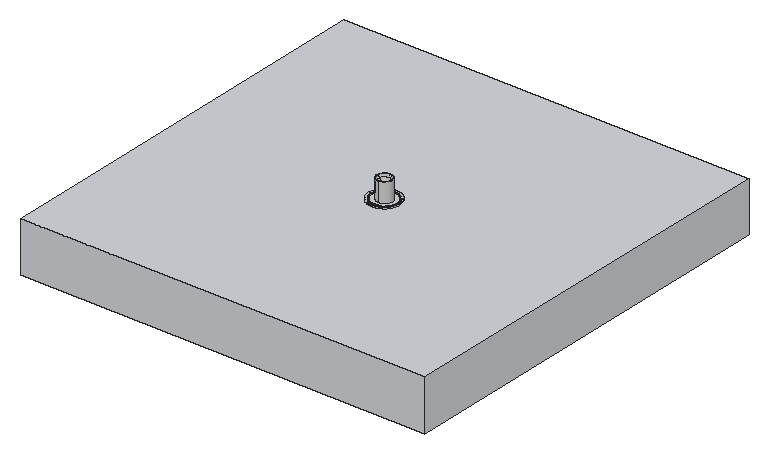
Revit family "LAMP_HANCE DOWNLIGHT SEMIRECESSED SPOT 3000_4000", category Modelos genéricos, Revit 2015
Parameters (values of type "2656LM 4000K 3000 BLACK")
  Weight = 1.54 kg
  Aro 3000/4000 = yes
  Aro 1000/2000 = no
  Type = "COB PHILIPS"
  Tilting [instance] = if(Tilt < 0.00°, 180.00°, if(Tilt > 85.00°, 265.00°, Tilt + 180.00°))  # 180.00°
  Tilt [instance] = 0.00°
  Recessed diameter = 175 mm
  Protection rating = "IP20"
  Product datasheet = "http://www.lamp.es/product-files/TECH/HD1SR30SP840NBB-EN.pdf"
  Product code = "HD1SR30SP840NBB"
  Product URL = "https://www.lamp.es/en/family/hance-downlight_196363"
  Power Supply = "220-240V 50/60Hz"
  Power = 25 W
  Plum = 27.8 W
  Photometric web file = Cuerpo Hance BASE (tilting)_SP : 2656LM 4000K 3000 BLACK
  Modelo = Product code  # "HD1SR30SP840NBB"
  Model explanation = "Availability of tilting between 0º and 85º when placed in a project."
  Material interior aro = LAMP_Aluminio Hance Negro
  Material aro = LAMP_Aluminio Hance Negro
  Manufacturer name = "LAMP"
  Manufacturer country = "Spain"
  Manufacturer URL = "http://www.lamp.es/en"
  MacAdam = "3"
  Luminaire type = "Indoor - Recessed downlight"
  Last update = "22/11/2019"
  Lamp = "COB LED"
  LED Lifetime = "50.000 L80 B10"
  Insulation class = "II"
  Installation instructions = "https://www.lamp.es/product-files/INS/1004410-B-INSTR.%20DE%20MONTAJE%20HANCE%20DOWNLIGHT.pdf"
  Initial intensity = 2656 lm
  Initial color = 4000 K
  IEE = "A+"
  Gear = "Electronic"
  Finish = "Texturised black RAL 9011"
  Fabricante = Manufacturer name  # "LAMP"
  Default Elevation = 1219.2 mm
  Efficacy = 95.54 lm/W
  Radio aro exterior = 49 mm
  Diameter = 188 mm
  Descripción = "HANCE DOWN SEMIREC 3000 NW SP BK."
  Decorative ring [instance] = Aro decorativo 3000_4000 (tilting) : Black
  Comentarios de tipo = Model explanation  # "Availability of tilting between 0º and 85º when placed in a project."
  CRI = "80"
  Altura modulos = 145 mm
Types (8, lengths in mm): name | Product datasheet | Product code | Power | Plum | Photometric web file | Modelo | Material aro | Initial intensity | Initial color | Finish | Efficacy | Descripción
  2656LM 4000K 3000 BLACK | "http://www.lamp.es/product-files/TECH/HD1SR30SP840NBB-EN.pdf" | "HD1SR30SP840NBB" | 25 W | 27.8 W | Cuerpo Hance BASE (tilting)_SP : 2656LM 4000K 3000 BLACK | "HD1SR30SP840NBB" | LAMP_Aluminio Hance Negro | 2656 lm | 4000 K | "Texturised black RAL 9011" | 95.54 lm/W | "HANCE DOWN SEMIREC 3000 NW SP BK."
  2656LM 4000K 3000 WHITE | "http://www.lamp.es/product-files/TECH/HD1SR30SP840NBW-EN.pdf" | "HD1SR30SP840NBW" | 25 W | 27.8 W | Cuerpo Hance BASE (tilting)_SP : 2656LM 4000K 3000 WHITE | "HD1SR30SP840NBW" | LAMP_Aluminio Hance Blanco | 2656 lm | 4000 K | "Texturised white RAL 9010" | 95.54 lm/W | "HANCE DOWN SEMIREC 3000 NW SP WH."
  2788LM 3000K 3000 BLACK | "http://www.lamp.es/product-files/TECH/HD1SR30SP830NBB-EN.pdf" | "HD1SR30SP830NBB" | 25 W | 28.2 W | Cuerpo Hance BASE (tilting)_SP : 2788LM 3000K 3000 BLACK | "HD1SR30SP830NBB" | LAMP_Aluminio Hance Negro | 2788 lm | 3000 K | "Texturised black RAL 9011" | 98.86 lm/W | "HANCE DOWN SEMIREC 3000 WW SP BK."
  2788LM 3000K 3000 WHITE | "http://www.lamp.es/product-files/TECH/HD1SR30SP830NBW-EN.pdf" | "HD1SR30SP830NBW" | 25 W | 28.2 W | Cuerpo Hance BASE (tilting)_SP : 2788LM 3000K 3000 WHITE | "HD1SR30SP830NBW" | LAMP_Aluminio Hance Blanco | 2788 lm | 3000 K | "Texturised white RAL 9010" | 98.86 lm/W | "HANCE DOWN SEMIREC 3000 WW SP WH."
  3518LM 4000K 4000 BLACK | "http://www.lamp.es/product-files/TECH/HD1SR40SP830NBB-EN.pdf" | "HD1SR40SP830NBB" | 34 W | 37.6 W | Cuerpo Hance BASE (tilting)_SP : 3518LM 4000K 4000 BLACK | "HD1SR40SP830NBB" | LAMP_Aluminio Hance Negro | 3518 lm | 3000 K | "Texturised black RAL 9011" | 93.55 lm/W | "HANCE DOWN SEMIREC 4000 WW SP BK."
  3518LM 4000K 4000 WHITE | "http://www.lamp.es/product-files/TECH/HD1SR40SP830NBW-EN.pdf" | "HD1SR40SP830NBW" | 34 W | 37.6 W | Cuerpo Hance BASE (tilting)_SP : 3518LM 4000K 4000 WHITE | "HD1SR40SP830NBW" | LAMP_Aluminio Hance Blanco | 3518 lm | 3000 K | "Texturised white RAL 9010" | 93.55 lm/W | "HANCE DOWN SEMIREC 4000 WW SP WH."
  3660LM 3000K 4000 BLACK | "http://www.lamp.es/product-files/TECH/HD1SR40SP840NBB-EN.pdf" | "HD1SR40SP840NBB" | 34 W | 37.6 W | Cuerpo Hance BASE (tilting)_SP : 3660LM 3000K 4000 BLACK | "HD1SR40SP840NBB" | LAMP_Aluminio Hance Negro | 3660 lm | 4000 K | "Texturised black RAL 9011" | 97.34 lm/W | "HANCE DOWN SEMIREC 4000 NW SP BK."
  3660LM 3000K 4000 WHITE | "http://www.lamp.es/product-files/TECH/HD1SR40SP840NBW-EN.pdf" | "HD1SR40SP840NBW" | 34 W | 37.6 W | Cuerpo Hance BASE (tilting)_SP : 3660LM 3000K 4000 WHITE | "HD1SR40SP840NBW" | LAMP_Aluminio Hance Blanco | 3660 lm | 4000 K | "Texturised white RAL 9010" | 97.34 lm/W | "HANCE DOWN SEMIREC 4000 NW SP WH."
Reference planes
  plane 1 "Centro (Frontal/Posterior)": y = 0
  plane 2: z = 0
  plane 3 "Centro (Izquierda/Derecha)": x = 0
Forms (mm)
  Extrusion 1, solid
    sketch origin (0, 0, 0) x (1, 0, 0) y (0, 1, 0)
      loop
        line (-1219.2, 1219.2) -> (-1219.2, -1219.2) -> (1219.2, -1219.2) -> (1219.2, 1219.2) -> (-1219.2, 1219.2)
    from 0 to -304.8
  Revolve 2, solid, material "LAMP_Aluminio Hance Negro" <- "Material aro"
    sketch origin (0, 0, 0) x (1, 0, 0) y (0, 0, 1)
      loop
        line (94, 0) -> (94, 1) -> (79.1, 1) -> (79.1, -38.896) -> (87.1, -38.896) -> (87.1, -37.896) -> (81.6, -37.896) -> (81.6, 0) -> (94, 0)
      axis (0, 1) -> (0, -38.896)
    angle from 0 to 360
  Revolve 3, solid, material "LAMP_Aluminio Hance Negro" <- "Material interior aro", visible <- "Aro 3000/4000"
    sketch origin (0, 0, 0) x (1, 0, 0) y (0, 0, 1)
      loop
        arc (74.724, -0.646) -> (74.448, -1.016) -> (74.348, -1.466) r 1.1
        arc (74.348, -1.466) -> (72.204, -17.889) -> (66.127, -33.297) r 67.535
        arc (66.127, -33.297) -> (65.772, -33.665) -> (65.28, -33.8) r 0.965
        line (65.28, -33.8) -> (0, -33.8) -> (0, -34.8) -> (65.28, -34.8)
        arc (65.28, -34.8) -> (65.772, -34.665) -> (66.127, -34.297) r 0.965
        arc (66.127, -34.297) -> (72.204, -18.889) -> (74.348, -2.466) r 67.535
        arc (74.348, -2.466) -> (74.448, -2.016) -> (74.724, -1.646) r 1.1
        arc (74.724, -1.646) -> (76.762, -0.425) -> (79.1, 0) r 6.641
        line (79.1, 0) -> (79.1, 1)
        arc (79.1, 1) -> (76.762, 0.575) -> (74.724, -0.646) r 6.641
      axis (0, 1) -> (0, -34.8)
    angle from 0 to 360
  Extrusion 4, void
    sketch origin (0, 0, 0) x (1, 0, 0) y (0, 1, 0)
      loop
        line (22.671, 46.054) -> (-22.668, 46.054)
        arc (-22.668, 46.054) -> (-69.098, -0.376) -> (-22.668, -46.807) r 46.43
        line (-22.668, -46.807) -> (22.671, -46.807)
        arc (22.671, -46.807) -> (69.102, -0.376) -> (22.671, 46.054) r 46.43
    from -196.113 to 250
Cuts and joins
  Extrusion 4 cuts Revolve 3
Text (mm)
  text "Any modification of the parameters and properties of the LAMP BIM models must be executed and validated by the LAMP technical department.\n\nPhone: +34 93 736 68 00\n\nE-mail: lamp@lamp.es\n\n\n\nLAMP reserves the right to modify the technical specifications of its products." at (39771.841, -40794.867, 40621.237), in view "Preview"
Dimensions and locks
  aligned and locked: plane 2 to Extrusion 1
  aligned and locked: level to Extrusion 1
Nested families
  nested 1: "Cuerpo Hance BASE (tilting)_SP" at (0, 1.967, 39.75), type <- "Photometric web file", type "2656LM 4000K 3000 BLACK"
    with Tilting 180.00°
  nested 2: "Aro decorativo 3000_4000 (tilting)" at (0, 0, 42.53) x (1, 0, 0) z (0, 0, -1), type <- "Decorative ring", type "Black"
    with Tilting 180.00°
Connectors
  electrical at (-24.807, 0, -31.588)
    settings: on nested 1, index 1, voltage 230 V, apparent load 0 VA, apparent load phase1 0 VA, apparent load phase2 0 VA, apparent load phase3 0 VA, power factor 1, load classification "Otro", number of poles 1, system type 31, power factor state 1, is connector primary yes, connector utility no, sub classification motor no, connector description ""
Definition of nested family "Cuerpo Hance BASE (tilting)_SP"
  Parameters (values of type "2656LM 4000K 3000 BLACK")
    Tilting = 90.00°
    Photometric web file = Cuerpo Hance BASE_SP : 2656LM 4000K 3000 BLACK
    Longitud cuerpo = 145 mm
    Default Elevation = 1219.2 mm
  Types (17, lengths in mm): name | Photometric web file | Longitud cuerpo
    (no name) | Cuerpo Hance BASE_SP : 2656LM 4000K 3000 BLACK | 145
    710LM 4000K 1000 BLACK | Cuerpo Hance BASE_SP : 710LM 4000K 1000 BLACK | 100
    710LM 4000K 1000 WHITE | Cuerpo Hance BASE_SP : 710LM 4000K 1000 WHITE | 100
    773LM 3000K 1000 BLACK | Cuerpo Hance BASE_SP : 773LM 3000K 1000 BLACK | 100
    773LM 3000K 1000 WHITE | Cuerpo Hance BASE_SP : 773LM 3000K 1000 WHITE | 100
    1644LM 4000K 2000 BLACK | Cuerpo Hance BASE_SP : 1644LM 4000K 2000 BLACK | 100
    1644LM 4000K 2000 WHITE | Cuerpo Hance BASE_SP : 1644LM 4000K 2000 WHITE | 100
    1707LM 3000K 2000 BLACK | Cuerpo Hance BASE_SP : 1707LM 3000K 2000 BLACK | 100
    1707LM 3000K 2000 WHITE | Cuerpo Hance BASE_SP : 1707LM 3000K 2000 WHITE | 100
    2656LM 4000K 3000 BLACK | Cuerpo Hance BASE_SP : 2656LM 4000K 3000 BLACK | 145
    2656LM 4000K 3000 WHITE | Cuerpo Hance BASE_SP : 2656LM 4000K 3000 WHITE | 145
    2788LM 3000K 3000 BLACK | Cuerpo Hance BASE_SP : 2788LM 3000K 3000 BLACK | 145
    2788LM 3000K 3000 WHITE | Cuerpo Hance BASE_SP : 2788LM 3000K 3000 WHITE | 145
    3518LM 4000K 4000 BLACK | Cuerpo Hance BASE_SP : 3518LM 4000K 4000 BLACK | 145
    3518LM 4000K 4000 WHITE | Cuerpo Hance BASE_SP : 3518LM 4000K 4000 WHITE | 145
    3660LM 3000K 4000 BLACK | Cuerpo Hance BASE_SP : 3660LM 3000K 4000 BLACK | 145
    3660LM 3000K 4000 WHITE | Cuerpo Hance BASE_SP : 3660LM 3000K 4000 WHITE | 145
  Reference planes
    plane 1 "Centro (Frontal/Posterior)": y = 0
    plane 2: z = 0
    plane 3 "Centro (Izquierda/Derecha)": x = 0
  Lines and regions (mm)
    reference lines
      curve 1: line (0, 0, 0) -> (200, 0, 0)
  Dimensions and locks
    "Tilting": angle plane 3 "Centro (Izquierda/Derecha)" to curve 1
    aligned and locked: level to plane 2
    aligned and locked: plane 3 "Centro (Izquierda/Derecha)" to curve 1
    aligned and locked: plane 2 to curve 1
  Nested families
    nested 1: "Cuerpo Hance BASE_SP" at (-30.338, -1.967, 27.875), type <- "Photometric web file", type "2656LM 4000K 3000 BLACK"
  Definition of nested family "Cuerpo Hance BASE_SP"
    Parameters (values of type "710LM 4000K 1000 BLACK")
      Tilt Angle = 90.00° + Tilting  # 180.00°
      Wattage = 7.6 W
      Tilting = 90.00°
      built-in parameter 1150107 = 4000 (stored number, unit not read)
      Radio vacio posterior = Radio cuerpo - 2.2 mm  # 30.3 mm
      Radio vaciado = Radio cuerpo - 1.5 mm  # 31 mm
      Radio cuerpo = if(Longitud cuerpo = 145 mm, 45 mm, 32.5 mm)  # 32.5 mm
      built-in parameter 1150110 = 1 (stored number, unit not read)
      built-in parameter 1150109 = 1 (stored number, unit not read)
      built-in parameter 1150112 = 1 (stored number, unit not read)
      built-in parameter 1150113 = 1 (stored number, unit not read)
      built-in parameter 1114218 = 1 (stored number, unit not read)
      built-in parameter 1150137 = (empty or 0)
      built-in parameter 1150132 = 2
      Material reflector = none
      Material cuerpo = none
      Material COB = none
      Longitud cuerpo = 100 mm
      Long. origen luz = if(Longitud cuerpo = 100 mm, 20 mm, if(Longitud cuerpo = 170 mm, 55 mm, 90 mm))  # 20 mm
      L_3 = if(Ancho disipador posterior = 80.4 mm, 39.6 mm, 12 mm)  # 12 mm
      L_2 = if(Ancho disipador posterior = 80.4 mm, 36.3 mm, 22.6 mm)  # 22.6 mm
      L_1 = if(Ancho disipador posterior = 80.4 mm, 36.8 mm, 25.4 mm)  # 25.4 mm
      built-in parameter 1150105 = 56.487 (stored number, unit not read)
      built-in parameter 1150102 = (empty or 0)
      built-in parameter 1150106 = 0.56487 (stored number, unit not read)
      Lumens = 709.84 lm
      Color Filter = 16777215
      built-in parameter 1114217 = 1 (stored number, unit not read)
      built-in parameter 1150139 = (empty or 0)
      Default Elevation = 1219.2 mm
      built-in parameter 1150104 = 8.6771 (stored number, unit not read)
      Diametro aro = if(Radio cuerpo = 45 mm, 42.9 mm, 30.4 mm)  # 30.4 mm
      built-in parameter 1150115 = 1 (stored number, unit not read)
      built-in parameter 1150114 = 1 (stored number, unit not read)
      built-in parameter 1150138 = (empty or 0)
      built-in parameter 1150134 = 12
      Dimming Lamp Color Temperature Shift = (empty or 0)
      Photometric Web File = "HD1RE10SP840NBB.IES"
      Ancho vaciado reflector = if(Radio cuerpo = 45 mm, 34.4 mm, 21.9 mm)  # 21.9 mm
      Ancho reflector = if(Radio cuerpo = 45 mm, 35.4 mm, 22.9 mm)  # 22.9 mm
      Ancho disipador posterior = if(Radio cuerpo = 32.5 mm, 53 mm, 80.4 mm)  # 53 mm
      built-in parameter 1150133 = 10 (stored number, unit not read)
      Altura disipador superior = if(Radio cuerpo = 45 mm, 23.9 mm, 36.9 mm)  # 36.9 mm
      Ancho disipador superior = if(Radio cuerpo = 45 mm, 28 mm, 22.6 mm)  # 22.6 mm
    Types (16, lengths in mm): name | Wattage | built-in parameter 1150107 | Radio vacio posterior | Radio vaciado | Radio cuerpo | Longitud cuerpo | Long. origen luz | L_3 | L_2 | L_1 | built-in parameter 1150105 | built-in parameter 1150106 | Lumens | built-in parameter 1150104 | Diametro aro | built-in parameter 1150134 | Photometric Web File | Ancho vaciado reflector | Ancho reflector | Ancho disipador posterior | Altura disipador superior | Ancho disipador superior
      710LM 4000K 1000 BLACK | 7.6 W | 4000 (stored number, unit not read) | 30.3 | 31 | 32.5 | 100 | 20 | 12 | 22.6 | 25.4 | 56.487 (stored number, unit not read) | 0.56487 (stored number, unit not read) | 709.84 lm | 8.6771 (stored number, unit not read) | 30.4 | 12 | "HD1RE10SP840NBB.IES" | 21.9 | 22.9 | 53 | 36.9 | 22.6
      710LM 4000K 1000 WHITE | 7.6 W | 4000 (stored number, unit not read) | 30.3 | 31 | 32.5 | 100 | 20 | 12 | 22.6 | 25.4 | 4052.9 (stored number, unit not read) | 40.529 (stored number, unit not read) | 709.84 lm | 8.6771 (stored number, unit not read) | 30.4 | 12 | "HD1RE10SP840NBW.IES" | 21.9 | 22.9 | 53 | 36.9 | 22.6
      773LM 3000K 1000 BLACK | 7.7 W | 3000 (stored number, unit not read) | 30.3 | 31 | 32.5 | 100 | 20 | 12 | 22.6 | 25.4 | 4414.8 (stored number, unit not read) | 44.148 (stored number, unit not read) | 773.234 lm | 9.3293 (stored number, unit not read) | 30.4 | (empty or 0) | "HD1RE10SP830NBB.IES" | 21.9 | 22.9 | 53 | 36.9 | 22.6
      773LM 3000K 1000 WHITE | 7.7 W | 3000 (stored number, unit not read) | 30.3 | 31 | 32.5 | 100 | 20 | 12 | 22.6 | 25.4 | 4414.8 (stored number, unit not read) | 44.148 (stored number, unit not read) | 773.234 lm | 9.3293 (stored number, unit not read) | 30.4 | (empty or 0) | "HD1RE10SP830NBW.IES" | 21.9 | 22.9 | 53 | 36.9 | 22.6
      1644LM 4000K 2000 BLACK | 20.6 W | 4000 (stored number, unit not read) | 30.3 | 31 | 32.5 | 100 | 20 | 12 | 22.6 | 25.4 | 9386.9 (stored number, unit not read) | 93.869 (stored number, unit not read) | 1644.09 lm | 7.4146 (stored number, unit not read) | 30.4 | 12 | "HD1RE20SP840NBB.IES" | 21.9 | 22.9 | 53 | 36.9 | 22.6
      1644LM 4000K 2000 WHITE | 20.6 W | 4000 (stored number, unit not read) | 30.3 | 31 | 32.5 | 100 | 20 | 12 | 22.6 | 25.4 | 9386.9 (stored number, unit not read) | 93.869 (stored number, unit not read) | 1644.09 lm | 7.4146 (stored number, unit not read) | 30.4 | 12 | "HD1RE20SP840NBW.IES" | 21.9 | 22.9 | 53 | 36.9 | 22.6
      1707LM 3000K 2000 BLACK | 20.7 W | 3000 (stored number, unit not read) | 30.3 | 31 | 32.5 | 100 | 20 | 12 | 22.6 | 25.4 | 9500.4 (stored number, unit not read) | 95.004 (stored number, unit not read) | 1706.92 lm | 7.6608 (stored number, unit not read) | 30.4 | (empty or 0) | "HD1RE20SP830NBB.IES" | 21.9 | 22.9 | 53 | 36.9 | 22.6
      1707LM 3000K 2000 WHITE | 20.7 W | 3000 (stored number, unit not read) | 30.3 | 31 | 32.5 | 100 | 20 | 12 | 22.6 | 25.4 | 9500.4 (stored number, unit not read) | 95.004 (stored number, unit not read) | 1706.92 lm | 7.6608 (stored number, unit not read) | 30.4 | (empty or 0) | "HD1RE20SP830NBW.IES" | 21.9 | 22.9 | 53 | 36.9 | 22.6
      2656LM 4000K 3000 BLACK | 27.8 W | 4000 (stored number, unit not read) | 42.8 | 43.5 | 45 | 145 | 90 | 39.6 | 36.3 | 36.8 | 21509.2 (stored number, unit not read) | 215.09 (stored number, unit not read) | 2656.01 lm | 8.876 (stored number, unit not read) | 42.9 | 12 | "HD1RE30SP840NBB.IES" | 34.4 | 35.4 | 80.4 | 23.9 | 28
      2656LM 4000K 3000 WHITE | 27.8 W | 4000 (stored number, unit not read) | 42.8 | 43.5 | 45 | 145 | 90 | 39.6 | 36.3 | 36.8 | 21509.2 (stored number, unit not read) | 215.09 (stored number, unit not read) | 2656.01 lm | 8.876 (stored number, unit not read) | 42.9 | 12 | "HD1RE30SP840NBW.IES" | 34.4 | 35.4 | 80.4 | 23.9 | 28
      2788LM 3000K 3000 BLACK | 28.2 W | 3000 (stored number, unit not read) | 42.8 | 43.5 | 45 | 145 | 90 | 39.6 | 36.3 | 36.8 | 22576.9 (stored number, unit not read) | 225.77 (stored number, unit not read) | 2787.85 lm | 9.1844 (stored number, unit not read) | 42.9 | (empty or 0) | "HD1RE30SP830NBB.IES" | 34.4 | 35.4 | 80.4 | 23.9 | 28
      2788LM 3000K 3000 WHITE | 28.2 W | 3000 (stored number, unit not read) | 42.8 | 43.5 | 45 | 145 | 90 | 39.6 | 36.3 | 36.8 | 22576.9 (stored number, unit not read) | 225.77 (stored number, unit not read) | 2787.85 lm | 9.1844 (stored number, unit not read) | 42.9 | (empty or 0) | "HD1RE30SP830NBW.IES" | 34.4 | 35.4 | 80.4 | 23.9 | 28
      3518LM 4000K 4000 BLACK | 37.6 W | 4000 (stored number, unit not read) | 42.8 | 43.5 | 45 | 145 | 90 | 39.6 | 36.3 | 36.8 | 28485.6 (stored number, unit not read) | 284.86 (stored number, unit not read) | 3517.48 lm | 8.6911 (stored number, unit not read) | 42.9 | 12 | "HD1RE40SP830NBB.IES" | 34.4 | 35.4 | 80.4 | 23.9 | 28
      3518LM 4000K 4000 WHITE | 37.6 W | 4000 (stored number, unit not read) | 42.8 | 43.5 | 45 | 145 | 90 | 39.6 | 36.3 | 36.8 | 28485.6 (stored number, unit not read) | 284.86 (stored number, unit not read) | 3517.48 lm | 8.6911 (stored number, unit not read) | 42.9 | 12 | "HD1RE40SP830NBW.IES" | 34.4 | 35.4 | 80.4 | 23.9 | 28
      3660LM 3000K 4000 BLACK | 37.6 W | 3000 (stored number, unit not read) | 42.8 | 43.5 | 45 | 145 | 90 | 39.6 | 36.3 | 36.8 | 24069.5 (stored number, unit not read) | 240.7 (stored number, unit not read) | 3659.98 lm | 9.0432 (stored number, unit not read) | 42.9 | (empty or 0) | "HD1RE40SP840NBB.IES" | 34.4 | 35.4 | 80.4 | 23.9 | 28
      3660LM 3000K 4000 WHITE | 37.6 W | 3000 (stored number, unit not read) | 42.8 | 43.5 | 45 | 145 | 90 | 39.6 | 36.3 | 36.8 | 24069.5 (stored number, unit not read) | 240.7 (stored number, unit not read) | 3659.98 lm | 9.0432 (stored number, unit not read) | 42.9 | (empty or 0) | "HD1RE40SP840NBW.IES" | 34.4 | 35.4 | 80.4 | 23.9 | 28
    Reference planes
      plane 1 "Centro (Frontal/Posterior)": y = 0
      plane 2: z = 0
      plane 3 "Centro (Izquierda/Derecha)": x = 0
    Forms (mm)
      Extrusion 1, solid, material <- "Material cuerpo"
        sketch origin (0, 0, 0) x (0, -1, 0) y (0, 0, 1)
          loop
            circle (0, -27.875) r 32.5
        from -58 to 42
      Extrusion 2, void
        sketch origin (0, 0, 0) x (0, 1, 0) y (0, 0, 1)
          loop
            line (11.3, 30) -> (-11.3, 30) -> (-11.3, -6.9)
            arc (-11.3, -6.9) -> (0, -7.855) -> (11.3, -6.9) r 67.349
            line (11.3, -6.9) -> (11.3, 30)
        from -42 to 9.4
      Extrusion 3, void
        sketch origin (0, 0, 0) x (0, 1, 0) y (0, 0, 1)
          loop
            circle (0, -27.875) r 30.3
        from -42 to -41
      Extrusion 4, void
        sketch origin (0, 0, 0) x (0, 1, 0) y (0, 0, 1)
          loop
            line (26.5, -26.291) -> (-26.5, -26.291)
            arc (-26.5, -26.291) -> (-27.7, -27.491) -> (-26.5, -28.691) r 1.2
            line (-26.5, -28.691) -> (26.5, -28.691)
            arc (26.5, -28.691) -> (27.7, -27.491) -> (26.5, -26.291) r 1.2
          loop
            line (26.115, -30.891) -> (-26.115, -30.891)
            arc (-26.115, -30.891) -> (-27.315, -32.091) -> (-26.115, -33.291) r 1.2
            line (-26.115, -33.291) -> (26.115, -33.291)
            arc (26.115, -33.291) -> (27.315, -32.091) -> (26.115, -30.891) r 1.2
          loop
            line (25.4, -35.55) -> (-24.915, -35.55)
            arc (-24.915, -35.55) -> (-26.115, -36.75) -> (-24.915, -37.95) r 1.2
            line (-24.915, -37.95) -> (25.4, -37.95)
            arc (25.4, -37.95) -> (26.6, -36.75) -> (25.4, -35.55) r 1.2
          loop
            line (22.6, -40.091) -> (-22.64, -40.091)
            arc (-22.64, -40.091) -> (-23.84, -41.291) -> (-22.64, -42.491) r 1.2
            line (-22.64, -42.491) -> (22.6, -42.491)
            arc (22.6, -42.491) -> (23.8, -41.291) -> (22.6, -40.091) r 1.2
          loop
            line (19.043, -44.691) -> (-19.086, -44.691)
            arc (-19.086, -44.691) -> (-20.286, -45.891) -> (-19.086, -47.091) r 1.2
            line (-19.086, -47.091) -> (19.043, -47.091)
            arc (19.043, -47.091) -> (20.243, -45.891) -> (19.043, -44.691) r 1.2
          loop
            line (15.357, -49.291) -> (-15.5, -49.291)
            arc (-15.5, -49.291) -> (-16.6, -50.391) -> (-15.5, -51.491) r 1.1
            line (-15.5, -51.491) -> (15.357, -51.491)
            arc (15.357, -51.491) -> (16.457, -50.391) -> (15.357, -49.291) r 1.1
          loop
            line (6, -53.691) -> (-6, -53.691)
            arc (-6, -53.691) -> (-7.1, -54.791) -> (-6, -55.891) r 1.1
            line (-6, -55.891) -> (6, -55.891)
            arc (6, -55.891) -> (7.1, -54.791) -> (6, -53.691) r 1.1
        from -42 to -38.7
      Extrusion 5, void
        sketch origin (0, 0, 0) x (-1, 0, 0) y (0, -1, 0)
          loop
            line (37.7, -9.12) -> (37.7, 9.12)
            arc (37.7, 9.12) -> (36.6, 10.22) -> (35.5, 9.12) r 1.1
            line (35.5, 9.12) -> (35.5, -9.12)
            arc (35.5, -9.12) -> (36.6, -10.22) -> (37.7, -9.12) r 1.1
          loop
            line (28.9, -9.12) -> (28.9, 9.12)
            arc (28.9, 9.12) -> (27.8, 10.22) -> (26.7, 9.12) r 1.1
            line (26.7, 9.12) -> (26.7, -9.12)
            arc (26.7, -9.12) -> (27.8, -10.22) -> (28.9, -9.12) r 1.1
          loop
            line (20.1, -9.12) -> (20.1, 9.12)
            arc (20.1, 9.12) -> (19, 10.22) -> (17.9, 9.12) r 1.1
            line (17.9, 9.12) -> (17.9, -9.12)
            arc (17.9, -9.12) -> (19, -10.22) -> (20.1, -9.12) r 1.1
        from -51.491 to 30
      Extrusion 6, void
        sketch origin (0, 0, 0) x (-1, 0, 0) y (0, -1, 0)
          loop
            line (33.3, -9.12) -> (33.3, 9.12)
            arc (33.3, 9.12) -> (32.2, 10.22) -> (31.1, 9.12) r 1.1
            line (31.1, 9.12) -> (31.1, -9.12)
            arc (31.1, -9.12) -> (32.2, -10.22) -> (33.3, -9.12) r 1.1
          loop
            line (24.5, -9.12) -> (24.5, 9.12)
            arc (24.5, 9.12) -> (23.4, 10.22) -> (22.3, 9.12) r 1.1
            line (22.3, 9.12) -> (22.3, -9.12)
            arc (22.3, -9.12) -> (23.4, -10.22) -> (24.5, -9.12) r 1.1
        from -8.232 to 30
      Extrusion 7, void
        sketch origin (0, 0, 0) x (0, 1, 0) y (0, 0, 1)
          loop
            circle (0, -27.875) r 31
        from 17.213 to 58
      Revolve 8, solid, material <- "Material reflector"
        sketch origin (0, 0, 0) x (1, 0, 0) y (0, 0, 1)
          loop
            line (25.5, -27.875) -> (45.818, -27.875) -> (45.818, -4.975) -> (25.5, -19.875) -> (25.5, -27.875)
          axis (25.5, -27.875) -> (45.818, -27.875)
        angle from 0 to 360
      Revolve 9, void
        sketch origin (0, 0, 0) x (1, 0, 0) y (0, 0, 1)
          loop
            line (45.818, -5.975) -> (26.5, -20.142) -> (25.5, -20.142) -> (25.5, -27.875) -> (26.5, -27.875) -> (45.818, -27.875) -> (45.818, -5.975)
          axis (45.818, -27.875) -> (25.5, -27.875)
        angle from 0 to 360
      Extrusion 10, solid, material <- "Material COB"
        sketch origin (0, 0, 0) x (0, -1, 0) y (0, 0, 1)
          loop
            circle (0, -27.875) r 7.733
        from -26.5 to -25.5
    Cuts and joins
      Extrusion 2, Extrusion 3, Extrusion 4, Extrusion 5, Extrusion 6, Extrusion 7 cuts Extrusion 1
      Revolve 9 cuts Revolve 8
    Lines and regions (mm)
      reference lines
        curve 1: line (0, 0, 0) -> (178.042, 0, 0)
        curve 2: line (93, 0, -27.875) -> (113, 0, -27.875)
        curve 3: line (0, 0, 0) -> (0, 0, -75)
        curve 4: line (93, 0, -22.875) -> (93, 0, -32.875)
    Text (mm)
      text "Any modification of the parameters and properties of the LAMP BIM models must be executed and validated by the LAMP technical department.\n\nPhone: +34 93 736 68 00\n\nE-mail: lamp@lamp.es\n\n\n\nLAMP reserves the right to modify the technical specifications of its products." at (97482.136, -81600.41, 57308.082), in view "Preview"
    Dimensions and locks
      locked: Revolve 9 sketch curve to cut or joined group of Extrusion 1, Extrusion 2, Extrusion 3, Extrusion 4, Extrusion 5, Extrusion 6, Extrusion 7 at 12.182
      "Longitud cuerpo": cut or joined group of Extrusion 1, Extrusion 2, Extrusion 3, Extrusion 4, Extrusion 5, Extrusion 6, Extrusion 7 to cut or joined group of Extrusion 1, Extrusion 2, Extrusion 3, Extrusion 4, Extrusion 5, Extrusion 6, Extrusion 7
      locked: cut or joined group of Extrusion 1, Extrusion 2, Extrusion 3, Extrusion 4, Extrusion 5, Extrusion 6, Extrusion 7 to curve 3 at 42
      locked: cut or joined group of Revolve 8, Revolve 9 to cut or joined group of Extrusion 1, Extrusion 2, Extrusion 3, Extrusion 4, Extrusion 5, Extrusion 6, Extrusion 7 at 12.182
      locked: cut or joined group of Revolve 8, Revolve 9 to cut or joined group of Revolve 8, Revolve 9 at 20.318
      locked: cut or joined group of Extrusion 1, Extrusion 2, Extrusion 3, Extrusion 4, Extrusion 5, Extrusion 6, Extrusion 7 to Extrusion 10 at 31.5
      locked: Extrusion 10 to Extrusion 10 at 1
      "Long. origen luz": curve 4 to curve 2
      equal spacing: Extrusion 4 sketch curve, plane 1 "Centro (Frontal/Posterior)", Extrusion 4 sketch curve  (x2)
      "Ancho disipador posterior": Extrusion 4 sketch curve to Extrusion 4 sketch curve
      "L_1": Extrusion 4 sketch curve to plane 1 "Centro (Frontal/Posterior)"
      "L_2": Extrusion 4 sketch curve to curve 3
      "L_3": Extrusion 4 sketch curve to Extrusion 4 sketch curve
      equal spacing: Extrusion 2 sketch curve, plane 1 "Centro (Frontal/Posterior)", Extrusion 2 sketch curve
      "Ancho disipador superior": Extrusion 2 sketch curve to Extrusion 2 sketch curve
      "Altura disipador superior": Extrusion 2 sketch curve to Extrusion 2 sketch curve
      locked: plane 2 to Extrusion 2 sketch curve at 30
      "Ancho reflector": Revolve 8 sketch curve to imposter light
      "Ancho vaciado reflector": Revolve 9 sketch curve to imposter light
      "Radio cuerpo": radius of Extrusion 1 sketch curve
      "Radio vaciado": radius of Extrusion 7 sketch curve
      "Radio vacio posterior": radius of Extrusion 3 sketch curve
      "Tilting": angle plane 3 "Centro (Izquierda/Derecha)" to curve 1
      aligned and locked: level to plane 2
      aligned and locked: imposter light to curve 2  (x2)
      aligned and locked: cut or joined group of Extrusion 1, Extrusion 2, Extrusion 3, Extrusion 4, Extrusion 5, Extrusion 6, Extrusion 7 to cut or joined group of Extrusion 1, Extrusion 2, Extrusion 3, Extrusion 4, Extrusion 5, Extrusion 6, Extrusion 7
    Automatic sketch dimensions
      curve 1 to Extrusion 5 sketch curve = 17.9 mm
      Extrusion 5 sketch curve to Extrusion 5 sketch curve = 1.1 mm  (x3)
      Extrusion 5 sketch curve to Extrusion 5 sketch curve = 6.6 mm  (x2)
      Extrusion 5 sketch curve to curve 1 = 9.12 mm  (x2)
      Extrusion 5 sketch curve to Extrusion 5 sketch curve = 0 mm  (x3)
      curve 1 to Extrusion 5 sketch curve = 9.12 mm
      curve 1 to Extrusion 6 sketch curve = 22.3 mm
      Extrusion 6 sketch curve to Extrusion 6 sketch curve = 1.1 mm  (x2)
      Extrusion 6 sketch curve to Extrusion 6 sketch curve = 6.6 mm
      Extrusion 6 sketch curve to curve 1 = 9.12 mm
      Extrusion 6 sketch curve to Extrusion 6 sketch curve = 0 mm  (x2)
      curve 1 to Extrusion 6 sketch curve = 9.12 mm
      Extrusion 10 sketch curve to plane 1 "Centro (Frontal/Posterior)" = 0 mm
      Extrusion 1 sketch curve to plane 1 "Centro (Frontal/Posterior)" = 0 mm
      Extrusion 1 sketch curve to level = 27.875 mm
      Extrusion 2 sketch curve to plane 1 "Centro (Frontal/Posterior)" = 0 mm
      Extrusion 2 sketch curve to Extrusion 2 sketch curve = 29.494 mm
      Extrusion 3 sketch curve to plane 1 "Centro (Frontal/Posterior)" = 0 mm
      Extrusion 3 sketch curve to level = 27.875 mm
      Extrusion 4 sketch curve to Extrusion 4 sketch curve = 0.385 mm  (x2)
      Extrusion 4 sketch curve to Extrusion 4 sketch curve = 1.2 mm  (x6)
      Extrusion 4 sketch curve to Extrusion 4 sketch curve = 2.276 mm
      Extrusion 4 sketch curve to Extrusion 4 sketch curve = 3.554 mm
      Extrusion 4 sketch curve to Extrusion 4 sketch curve = 3.586 mm
      Extrusion 4 sketch curve to Extrusion 4 sketch curve = 9.357 mm
      Extrusion 4 sketch curve to Extrusion 4 sketch curve = 3.557 mm
      Extrusion 4 sketch curve to level = 55.891 mm
      Extrusion 4 sketch curve to Extrusion 4 sketch curve = 1.1 mm  (x2)
      Extrusion 4 sketch curve to Extrusion 4 sketch curve = 2.2 mm  (x4)
      Extrusion 4 sketch curve to Extrusion 4 sketch curve = 2.141 mm
      Extrusion 4 sketch curve to Extrusion 4 sketch curve = 2.259 mm
      Extrusion 7 sketch curve to plane 1 "Centro (Frontal/Posterior)" = 0 mm
      Extrusion 7 sketch curve to level = 27.875 mm
      curve 1 to Revolve 8 sketch curve = 25.5 mm
      Revolve 8 sketch curve to Revolve 8 sketch curve = 20.318 mm
      curve 1 to Revolve 8 sketch curve = 19.875 mm
      Revolve 8 sketch curve to Revolve 8 sketch curve = 8 mm
      Revolve 8 sketch curve to Revolve 8 sketch curve = 0 mm  (x2)
      Revolve 8 sketch curve to Revolve 8 sketch curve = 9.682 mm
      Revolve 9 sketch curve to Revolve 9 sketch curve = 19.318 mm
      Revolve 9 sketch curve to Revolve 9 sketch curve = 0 mm  (x3)
      Revolve 9 sketch curve to Revolve 9 sketch curve = 1 mm
      curve 1 to Revolve 9 sketch curve = 20.142 mm
      Revolve 9 sketch curve to Revolve 9 sketch curve = 7.733 mm
      Revolve 9 sketch curve to Revolve 9 sketch curve = 9.682 mm
      curve 1 to level = 0 mm
      curve 1 to plane 3 "Centro (Izquierda/Derecha)" = 0 mm
      curve 3 to curve 1 = 0 mm  (x2)
      curve 3 to curve 1 = 75 mm
      curve 1 to curve 4 = 32.875 mm
      curve 4 to curve 1 = 85.042 mm
      curve 4 to curve 2 = 5 mm
      curve 2 to curve 4 = 5 mm
      radius of Extrusion 10 sketch curve = 7.733 mm
Definition of nested family "Aro decorativo 3000_4000 (tilting)"
  Parameters (values of type "Black")
    Weight (3000/4000) = 0.016 kg
    Weight (1000/2000) = 0.01 kg
    Tilting = 0.00°
    Product datasheet = ""
    Product code (3000/4000) = "HSRI90C"
    Product code (1000/2000) = "HSRI65C"
    Product URL = ""
    Model = ""
    Material aro = none
    Manufacturer name = "LAMP"
    Manufacturer country = "Spain"
    Manufacturer URL = "http://www.lamp.es/en"
    Longitud = 42.5 mm
    Last update = "21/05/2018"
    Installation instructions = ""
    Finish = "Metalized matt copper"
    Manufacturer = Manufacturer name  # "LAMP"
    Default Elevation = 1219.2 mm
    Diameter (3000/4000) = 90 mm
    Diameter (1000/2000) = 65 mm
    Description = ""
    Accessory Type = "Optic"
    3000/4000 Model = "HSRI90C"
    3000/4000 Description = "HANCE 3000/4000 ACC. RING DECO CO."
    1000/2000 Model = "HSRI65C"
    1000/2000 Description = "HANCE 1000/2000 ACC. RING DECO CO."
  Types (5, lengths in mm): name | Product code (3000/4000) | Product code (1000/2000) | Finish | 3000/4000 Model | 3000/4000 Description | 1000/2000 Model | 1000/2000 Description
    (no name) | "HSRI90C" | "HSRI65C" | "Metalized matt copper" | "HSRI90C" | "HANCE 3000/4000 ACC. RING DECO CO." | "HSRI65C" | "HANCE 1000/2000 ACC. RING DECO CO."
    Black | "HSRI90C" | "HSRI65C" | "Metalized matt copper" | "HSRI90C" | "HANCE 3000/4000 ACC. RING DECO CO." | "HSRI65C" | "HANCE 1000/2000 ACC. RING DECO CO."
    Copper | "HSRI90C" | "HSRI65C" | "Metalized matt copper" | "HSRI90C" | "HANCE 3000/4000 ACC. RING DECO CO." | "HSRI65C" | "HANCE 1000/2000 ACC. RING DECO CO."
    Grey | "HSRI90M" | "HSRI65M" | "Metalized matt silver" | "HSRI90M" | "HANCE 3000/4000 ACC. RING DECO MET." | "HSRI65M" | "HANCE 1000/2000 ACC. RING DECO MET."
    White | "HSRI90W" | "HSRI65W" | "Matt White" | "HSRI90W" | "HANCE 3000/4000 ACC. RING DECO WH." | "HSRI65W" | "HANCE 1000/2000 ACC. RING DECO WH."
  Reference planes
    plane 1 "Centro (Frontal/Posterior)": y = 0
    plane 2: z = 0
    plane 3 "Centro (Izquierda/Derecha)": x = 0
  Lines and regions (mm)
    reference lines
      curve 1: line (0, 0, 0) -> (0, 0, 80.8)
    model lines
      curve 2: line (68.747, 0, 0) -> (69.9, 0, 0)
  Text (mm)
    text "Any modification of the parameters and properties of the LAMP BIM models must be executed and validated by the LAMP technical department.\n\nPhone: +34 93 736 68 00\n\nE-mail: lamp@lamp.es\n\n\n\nLAMP reserves the right to modify the technical specifications of its products." at (86527.204, -96597.187, 50741.736), in view "Preview"
  Dimensions and locks
    "Tilting": angle curve 1 to plane 3 "Centro (Izquierda/Derecha)"
    aligned and locked: level to plane 2
    aligned and locked: plane 3 "Centro (Izquierda/Derecha)" to curve 1
    aligned and locked: plane 2 to curve 1
  Automatic sketch dimensions
    curve 2 to level = 0 mm
    plane 3 "Centro (Izquierda/Derecha)" to curve 2 = 68.747 mm
    curve 2 to curve 2 = 1.153 mm
  Nested families
    nested 1: "Aro decorativo 3000_4000" at (-27.9, 0, 17.2) x (0, 0, 1) z (-1, 0, 0), type "Copper"
  Definition of nested family "Aro decorativo 3000_4000"
    Parameters (values of type "Black")
      Weight (3000/4000) = 0.016 kg
      Weight (1000/2000) = 0.01 kg
      Product datasheet = ""
      Product code (3000/4000) = "HSRI90C"
      Product code (1000/2000) = "HSRI65C"
      Product URL = ""
      Model = ""
      Material aro = none
      Manufacturer name = "LAMP"
      Manufacturer country = "Spain"
      Manufacturer URL = "http://www.lamp.es/en"
      Longitud = 42.5 mm
      Last update = "21/05/2018"
      Installation instructions = ""
      Finish = "Metalized matt copper"
      Manufacturer = Manufacturer name  # "LAMP"
      Default Elevation = 1219.2 mm
      Diametro vaciado aro interior = if(Diametro aro interior = 35.4 mm, 34.4 mm, 21.9 mm)  # 34.4 mm
      Diametro vaciado aro exterior = if(Diametro aro exterior = 42.9 mm, 41.9 mm, 29.4 mm)  # 41.9 mm
      Diametro aro interior = if(Diametro aro exterior = 42.9 mm, 35.4 mm, 22.9 mm)  # 35.4 mm
      Diametro aro exterior = if(Longitud = 42.5 mm, 42.9 mm, 30.4 mm)  # 42.9 mm
      Diameter (3000/4000) = 90 mm
      Diameter (1000/2000) = 65 mm
      Description = ""
      Accessory Type = "Optic"
      3000/4000 Model = "HSRI90C"
      3000/4000 Description = "HANCE 3000/4000 ACC. RING DECO CO."
      1000/2000 Description = "HANCE 1000/2000 ACC. RING DECO CO."
      1000/2000 Model = "HSRI65C"
    Types (4, lengths in mm): name | Manufacturer URL
      Black | "http://www.lamp.es/en"
      Copper | "http://www.lamp.es/en"
      Grey | "http://www.lamp.es/en"
      White | ""
    Reference planes
      plane 1 "Centro (Frontal/Posterior)": y = 0
      plane 2: z = 0
      plane 3 "Centro (Izquierda/Derecha)": x = 0
    Forms (mm)
      Revolve 1, solid, material <- "Material aro"
        sketch origin (0, 0, -27.9) x (1, 0, 0) y (0, 0, 1)
          loop
            line (42.5, 0) -> (52.682, 0) -> (52.682, 42.9) -> (42.5, 35.4) -> (42.5, 0)
          axis (52.682, 0) -> (42.5, 0)
        angle from 0 to 360
      Revolve 2, void
        sketch origin (0, 0, -27.9) x (1, 0, 0) y (0, 0, 1)
          loop
            line (52.682, 41.9) -> (42.5, 34.4) -> (42.5, 0) -> (52.682, 0) -> (52.682, 41.9)
          axis (42.5, 0) -> (52.682, 0)
        angle from 0 to 360
    Cuts and joins
      Revolve 2 cuts Revolve 1
    Lines and regions (mm)
      reference lines
        curve 1: line (0, 0, -27.9) -> (42.5, 0, -27.9)
    Text (mm)
      text "Any modification of the parameters and properties of the LAMP BIM models must be executed and validated by the LAMP technical department.\n\nPhone: +34 93 736 68 00\n\nE-mail: lamp@lamp.es\n\n\n\nLAMP reserves the right to modify the technical specifications of its products." at (91886.357, -93022.329, 47898.266), in view "Preview"
    Dimensions and locks
      "Diametro aro exterior": Revolve 1 sketch curve to Revolve 1 sketch curve
      "Diametro vaciado aro exterior": Revolve 2 sketch curve to Revolve 2 sketch curve
      "Longitud": curve 1 to plane 3 "Centro (Izquierda/Derecha)"
      "Diametro aro interior": Revolve 1 sketch curve to Revolve 1 sketch curve
      "Diametro vaciado aro interior": Revolve 2 sketch curve to Revolve 2 sketch curve
      aligned and locked: level to plane 2
    Automatic sketch dimensions
      Revolve 1 sketch curve to curve 1 = 0 mm  (x4)
      curve 1 to Revolve 1 sketch curve = 10.182 mm
      Revolve 1 sketch curve to Revolve 1 sketch curve = 0 mm
      Revolve 2 sketch curve to curve 1 = 0 mm  (x3)
      curve 1 to Revolve 2 sketch curve = 10.182 mm
      Revolve 2 sketch curve to curve 1 = 1261.008 mm
      Revolve 2 sketch curve to Revolve 2 sketch curve = 1898.983 mm
      curve 1 to plane 3 "Centro (Izquierda/Derecha)" = 0 mm
      curve 1 to level = 27.9 mm
